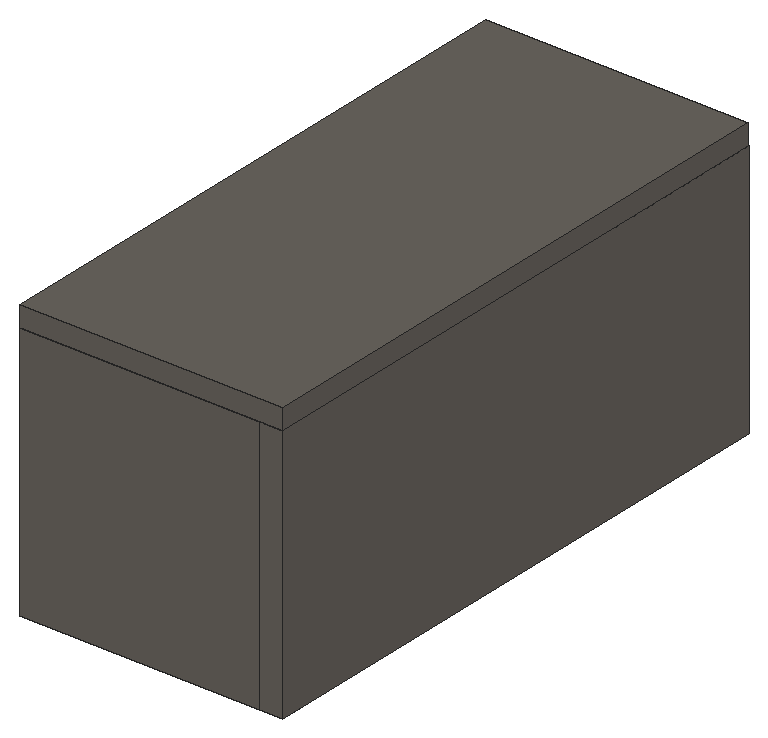
Revit family
Parameters (values of type "desk_5194")
  Wattage = 12.1178 W
  built-in parameter 1150110 = 1 (stored number, unit not read)
  built-in parameter 1114217 = 1 (stored number, unit not read)
  built-in parameter 1150109 = 1 (stored number, unit not read)
  built-in parameter 1150134 = 3
  built-in parameter 1150113 = 1 (stored number, unit not read)
  built-in parameter 1150105 = 143.24 (stored number, unit not read)
  Lumens = 1800 lm
  built-in parameter 1150115 = 1 (stored number, unit not read)
  Light Source Symbol Size = 2' - 0"
  built-in parameter 1150137 = (empty or 0)
  built-in parameter 1150139 = (empty or 0)
  built-in parameter 1150112 = 1 (stored number, unit not read)
  built-in parameter 1150114 = 1 (stored number, unit not read)
  built-in parameter 1150132 = 2
  built-in parameter 1150102 = (empty or 0)
  built-in parameter 1150107 = 3200 (stored number, unit not read)
  built-in parameter 1150138 = (empty or 0)
  built-in parameter 1150106 = 1.4324 (stored number, unit not read)
  built-in parameter 1150104 = 13.8 (stored number, unit not read)
  Dimming Lamp Color Temperature Shift = (empty or 0)
  Color Filter = 16777215
  built-in parameter 1114218 = 1 (stored number, unit not read)
  built-in parameter 1150133 = 10 (stored number, unit not read)
  Assembly Code = ""
Reference planes (in)
  plane 1 "Light Source Axis (F/B)": y = 0
  plane 2: z = 0
  plane 3 "Light Source Axis (L/R)": x = 0
  plane 4 "Light Source Elevation": z = 54
Forms (in)
  Extrusion 1, solid, material "desk_m"
    sketch origin (0, 0, 0) x (1, 0, 0) y (0, 1, 0)
      loop
        line (-15.03259, -27.28196) -> (18.96741, -27.28196) -> (18.96741, 48) -> (-15.03259, 48) -> (-15.03259, -27.28196)
    from 33.4038 to 36
  Extrusion 2, solid, material "desk_m"
    sketch origin (-0.625, 0, 0) x (1, 0, 0) y (0, 0, 1)
      loop
        line (19.59385, 0) -> (19.59385, 33.4038) -> (16.59385, 33.4038) -> (16.59385, 0) -> (19.59385, 0)
    from -48 to 27.28196
  Extrusion 3, solid, material "desk_m"
    sketch origin (0, 0, 0) x (1, 0, 0) y (0, 1, 0)
      loop
        line (-15.03259, -27.28196) -> (18.96741, -27.28196) -> (18.96741, -24.09352) -> (-15.03259, -24.09352) -> (-15.03259, -27.28196)
    from 0 to 33.4038
  Extrusion 4, solid, material "desk_m"
    sketch origin (0, 72.09282, 0) x (1, 0, 0) y (0, 1, 0)
      loop
        line (-15.03259, -27.28196) -> (18.96741, -27.28196) -> (18.96741, -24.09352) -> (-15.03259, -24.09352) -> (-15.03259, -27.28196)
    from 0 to 33.4038
  Extrusion 5, solid, material "desk_m"
    sketch origin (0, 0, 0) x (1, 0, 0) y (0, 1, 0)
      loop
        line (-14.53115, 44.81086) -> (-14.53115, -24.09352) -> (15.96885, -24.09352) -> (15.96885, 44.81086) -> (-14.53115, 44.81086)
    from 28.66664 to 33.4038
  Extrusion 6, solid, material "desk_m"
    sketch origin (0, 0, 0) x (0, 1, 0) y (0, 0, 1)
      loop
        line (44.08466, 33.06623) -> (26.58466, 33.06623) -> (26.58466, 29.06623) -> (44.08466, 29.06623) -> (44.08466, 33.06623)
    from -14.72473 to -14.25446
  Extrusion 7, solid, material "desk_m"
    sketch origin (0, 0, 0) x (0, 1, 0) y (0, 0, 1)
      loop
        line (43.40285, 32.55487) -> (27.33466, 32.55487) -> (27.33466, 29.56623) -> (43.40285, 29.56623) -> (43.40285, 32.55487)
    from -15.03259 to -14.25446
  Extrusion 8, solid, material "desk_m"
    sketch origin (0, 0, 0) x (0, 1, 0) y (0, 0, 1)
      loop
        circle (35.61148, 31.07657) r 0.5
    from -15.03259 to -14.53115
  Extrusion 9, solid, material "desk_m"
    sketch origin (0, -49.92818, 0) x (0, 1, 0) y (0, 0, 1)
      loop
        line (44.08466, 33.06623) -> (26.58466, 33.06623) -> (26.58466, 29.06623) -> (44.08466, 29.06623) -> (44.08466, 33.06623)
    from -14.72473 to -14.25446
  Extrusion 10, solid, material "desk_m"
    sketch origin (0, -49.92818, 0) x (0, 1, 0) y (0, 0, 1)
      loop
        line (43.40285, 32.55487) -> (27.33466, 32.55487) -> (27.33466, 29.56623) -> (43.40285, 29.56623) -> (43.40285, 32.55487)
    from -15.03259 to -14.25446
  Extrusion 11, solid, material "desk_m"
    sketch origin (0, -50.17818, 0) x (0, 1, 0) y (0, 0, 1)
      loop
        circle (35.61148, 31.07657) r 0.5
    from -15.03259 to -14.53115
  Extrusion 12, solid, material "desk_m"
    sketch origin (0, -19.1897, 0.05117) x (0, 1, 0) y (0, 0, 1)
      loop
        line (44.08466, 33.06623) -> (31.40285, 33.06623) -> (31.40285, 29.06623) -> (44.08466, 29.06623) -> (44.08466, 33.06623)
    from -14.72473 to -14.25446
  Extrusion 13, solid, material "desk_m"
    sketch origin (0, -19.1897, 0.05117) x (0, 1, 0) y (0, 0, 1)
      loop
        line (43.40285, 32.55487) -> (32.33466, 32.55487) -> (32.33466, 29.56623) -> (43.40285, 29.56623) -> (43.40285, 32.55487)
    from -15.03259 to -14.25446
  Extrusion 14, solid, material "desk_m"
    sketch origin (0, -17.1897, 0.05117) x (0, 1, 0) y (0, 0, 1)
      loop
        circle (35.61148, 31.07657) r 0.5
    from -15.03259 to -14.53115
  Extrusion 15, solid, material "desk_m"
    sketch origin (0, -35.1897, 0.05117) x (0, 1, 0) y (0, 0, 1)
      loop
        line (44.08466, 33.06623) -> (31.40285, 33.06623) -> (31.40285, 29.06623) -> (44.08466, 29.06623) -> (44.08466, 33.06623)
    from -14.72473 to -14.25446
  Extrusion 16, solid, material "desk_m"
    sketch origin (0, -35.1897, 0.05117) x (0, 1, 0) y (0, 0, 1)
      loop
        line (43.40285, 32.55487) -> (32.33466, 32.55487) -> (32.33466, 29.56623) -> (43.40285, 29.56623) -> (43.40285, 32.55487)
    from -15.03259 to -14.25446
  Extrusion 17, solid, material "desk_m"
    sketch origin (0, -33.1897, 0.05117) x (0, 1, 0) y (0, 0, 1)
      loop
        circle (35.61148, 31.07657) r 0.5
    from -15.03259 to -14.53115
  Extrusion 18, solid, material "desk_m"
    sketch origin (0, 0, 0) x (1, 0, 0) y (0, 1, 0)
      loop
        line (-12.96027, -24.09352) -> (15.96885, -24.09352) -> (15.96885, -5.57236) -> (-12.96027, -5.57236) -> (-12.96027, -24.09352)
    from 2.19718 to 28.66664
  Extrusion 19, solid, material "desk_m"
    sketch origin (0, -50.17818, -25.5) x (0, 1, 0) y (0, 0, 1)
      loop
        line (44.08466, 42.20371) -> (26.58466, 42.20371) -> (26.58466, 29.06623) -> (44.08466, 29.06623) -> (44.08466, 42.20371)
    from -13.31096 to -12.35737
  Extrusion 20, solid, material "desk_m"
    sketch origin (0, -50.17818, -25.5) x (0, 1, 0) y (0, 0, 1)
      loop
        line (43.40285, 41.64671) -> (27.33466, 41.64671) -> (27.33466, 29.56623) -> (43.40285, 29.56623) -> (43.40285, 41.64671)
    from -13.58712 to -12.35737
  Extrusion 21, solid, material "desk_m"
    sketch origin (0, -50.42818, -20.75) x (0, 1, 0) y (0, 0, 1)
      loop
        circle (35.61148, 31.07657) r 0.5
    from -13.76266 to -12.35737
  Extrusion 22, solid, material "desk_m"
    sketch origin (0, -50.17818, -9) x (0, 1, 0) y (0, 0, 1)
      loop
        line (44.08466, 36.43437) -> (26.58466, 36.43437) -> (26.58466, 29.06623) -> (44.08466, 29.06623) -> (44.08466, 36.43437)
    from -13.31096 to -12.35737
  Extrusion 23, solid, material "desk_m"
    sketch origin (0, -50.17818, -9) x (0, 1, 0) y (0, 0, 1)
      loop
        line (43.40285, 35.9159) -> (27.33466, 35.9159) -> (27.33466, 29.56623) -> (43.40285, 29.56623) -> (43.40285, 35.9159)
    from -13.54282 to -12.96027
  Extrusion 24, solid, material "desk_m"
    sketch origin (0, -50.42818, -7.6875) x (0, 1, 0) y (0, 0, 1)
      loop
        circle (35.61148, 31.07657) r 0.5
    from -13.7397 to -13.31096
  Extrusion 25, solid, material "desk_m"
    sketch origin (0, 50.5, 0) x (1, 0, 0) y (0, 1, 0)
      loop
        line (-12.96027, -22.17101) -> (15.96885, -22.17101) -> (15.96885, -5.57236) -> (-12.96027, -5.57236) -> (-12.96027, -22.17101)
    from 2.19718 to 28.66664
  Extrusion 26, solid, material "desk_m"
    sketch origin (0, 0.32182, -25.5) x (0, 1, 0) y (0, 0, 1)
      loop
        line (44.08466, 42.20371) -> (28.65285, 42.20371) -> (28.65285, 29.06623) -> (44.08466, 29.06623) -> (44.08466, 42.20371)
    from -13.31096 to -12.35737
  Extrusion 27, solid, material "desk_m"
    sketch origin (0, 0.32182, -25.5) x (0, 1, 0) y (0, 0, 1)
      loop
        line (43.40285, 41.64671) -> (29.33466, 41.64671) -> (29.33466, 29.56623) -> (43.40285, 29.56623) -> (43.40285, 41.64671)
    from -13.58712 to -12.35737
  Extrusion 28, solid, material "desk_m"
    sketch origin (0, 1.57182, -20.75) x (0, 1, 0) y (0, 0, 1)
      loop
        circle (35.61148, 31.07657) r 0.5
    from -13.76266 to -12.35737
  Extrusion 29, solid, material "desk_m"
    sketch origin (0, 0.32182, -9) x (0, 1, 0) y (0, 0, 1)
      loop
        line (44.08466, 36.43437) -> (28.65285, 36.43437) -> (28.65285, 29.06623) -> (44.08466, 29.06623) -> (44.08466, 36.43437)
    from -13.31096 to -12.35737
  Extrusion 30, solid, material "desk_m"
    sketch origin (0, 0.32182, -9) x (0, 1, 0) y (0, 0, 1)
      loop
        line (43.40285, 35.9159) -> (29.33466, 35.9159) -> (29.33466, 29.56623) -> (43.40285, 29.56623) -> (43.40285, 35.9159)
    from -13.54282 to -12.96027
  Extrusion 31, solid, material "desk_m"
    sketch origin (0, 1.57182, -7.6875) x (0, 1, 0) y (0, 0, 1)
      loop
        circle (35.61148, 31.07657) r 0.5
    from -13.7397 to -13.31096
Dimensions and locks (in)
  aligned and locked: plane 3 "Light Source Axis (L/R)" to imposter light
  aligned and locked: plane 1 "Light Source Axis (F/B)" to imposter light
  aligned and locked: plane 4 "Light Source Elevation" to imposter light
